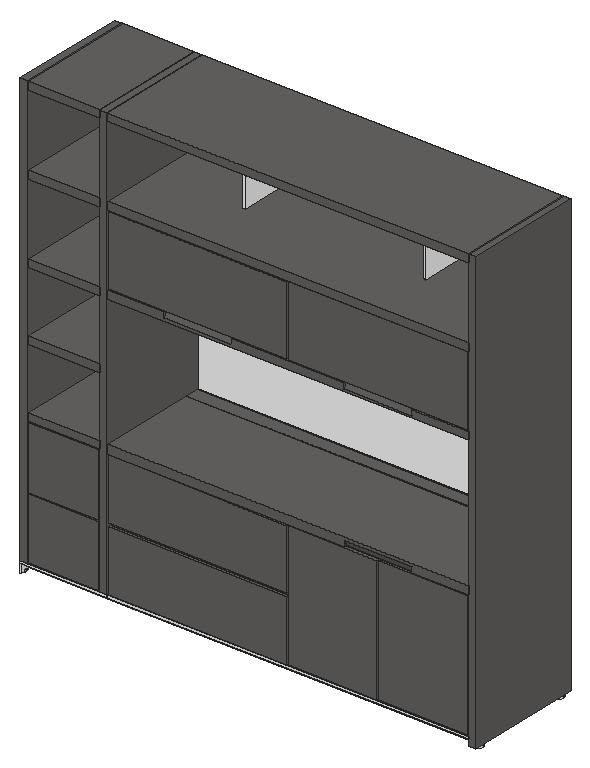
Revit family "Storage-Wall-Teknion-ZXLS_90_High_With_Lights-R2011", category Furniture Systems, Revit 2013
Parameters (values of type "(See Type Catalog)")
  Working Wall Finish [instance] = Glass - Teknion - K6 - White Backpainted
  Width = 92.642"
  Warranty = "http://www.teknionstudio.com/pdfs/Teknion%20Studio%20Warranty.pdf"
  Wall Unit Finish [instance] = Veneer - Teknion - P7 - Grey Oak
  Voltage = 120 V
  Unit Weight = 685.00 lbf
  URL = "www.teknionstudio.com"
  Right Tabletop Cutout Offset = if(Has Right Double Doors, 0", 4")  # 0"
  Power Factor = 1
  Number of Poles = 1
  Left Tabletop Cutout Offset = if(Has Left Double Doors, 0", 4")  # 4"
  Storage Tower = Storage-Unit-Teknion-Tower : Upper Shelves & File/File Pedestal
  Series = "B&B Italia"
  Product Page URL = "http://www.teknionstudio.com/acexecutive/"
  Product Line = "AC Executive"
  Product Documentation Link = "http://www.teknionstudio.com/pricing/ac_executive_storage_walls_ppg.pdf"
  Part Number = "ZXLS"
  Model = ""
  Manufacturer Phone = "919-464-2920"
  Manufacturer Fax = "919-464-2927"
  Manufacturer Email = "customersupport@teknionstudio.com"
  Manufacturer Address = "3940 US 70 Business HWY West, Clayton, NC 27520"
  Manufacturer = "Teknion Studio"  # constant formula
  Low Emitting Material = yes
  Low Emitting Finish = yes
  Height = 89 123/128"
  Has Right File File Drawers = not(Has Right Double Doors)  # no
  Has Right Double Doors = yes
  Has Left File File Drawers = not(Has Left Double Doors)  # yes
  Has Left Double Doors = no
  Description = ""
  Depth = 24"
  Assembly Code = "E2020200"
  Apparent Load = 22.8 VA
Reference planes (in)
  plane 1 "Center F/B": y = 0
  plane 2: z = 0
  plane 3 "Center L/R": x = -16.17703
  plane 4 "Back": y = 12
  plane 5 "Front": y = -12
  plane 6 "Doors Top": z = 73.81394
  plane 7: x = 28.60446
  plane 8: z = 29.68402
  plane 9: z = 56.1289
  plane 10: x = -44.7815
  plane 11: z = 2.1289
  plane 12: x = -8.08852
  plane 13 "Foot Centerline": y = -11.2126
  plane 14 "Tabletop Cutout Left": y = -16
  plane 15 "Foot Centerline Front": y = -10.22835
  plane 16 "Foot Centerline Back": y = 10.22835
  plane 17: y = -8.484
  plane 18 "Tabletop Cutout Right": y = -12
  plane 19 "Right": x = 30.14397
  plane 20 "Left": x = -62.49803
  plane 21 "Top": z = 89.96094
Forms (in)
  Sweep 1, solid, material "Veneer - Teknion - P7 - Grey Oak" <- "Wall Unit Finish"
    path origin (0, 0, 15.40683) x (-1, 0, 0) y (0, -1, 0)
      loop
        line (16.17703, -12) -> (16.17703, 12)
    profile origin (-16.17703, 0, 15.40683) x (1, 0, 0) y (0, 0, 1)
      loop
        line (44.7815, -14.81732) -> (46.321, -14.81732) -> (46.321, 74.55411) -> (44.7815, 74.55411) -> (44.7815, -14.81732)
  Sweep 2, solid, material "Metal - Teknion - C6 - Chrome"
    path origin (0, 0, 0) x (1, 0, 0) y (0, 0, 1)
      loop
        line (28.60446, 2.1289) -> (-44.7815, 2.1289)
    profile origin (-8.08852, 0, 2.1289) x (0, 0, -1) y (0, -1, 0)
      loop
        line (0, 12) -> (0, 10.4252) -> (0.394, 10.4252) -> (0.394, 12) -> (0, 12)
  Sweep 3, solid, material "Metal - Teknion - C6 - Chrome"
    path origin (0, 0, 0) x (1, 0, 0) y (0, 0, 1)
      loop
        line (-44.7815, 2.1289) -> (28.60446, 2.1289)
    profile origin (-8.08852, 0, 2.1289) x (0, 0, 1) y (0, -1, 0)
      loop
        line (-0.394, 10.6222) -> (-1.575, 10.6222) -> (-1.575, 10.4252) -> (-0.394, 10.4252) -> (-0.394, 10.6222)
  Sweep 4, solid, material "Veneer - Teknion - P7 - Grey Oak" <- "Wall Unit Finish"
    path origin (0, 0, 0) x (1, 0, 0) y (0, 0, 1)
      loop
        line (-44.7815, 29.68402) -> (28.60446, 29.68402)
    profile origin (-8.08852, 0, 29.68402) x (0, 0, 1) y (0, -1, 0)
      loop
        line (0, 12) -> (-1.7638, 12) -> (-1.7638, 11.276) -> (-27.55512, 11.276) -> (-27.55512, -12) -> (44.12992, -12) -> (44.12992, 12) -> (42.59022, 12) -> (42.59022, 11.2126) -> (27.98392, 11.2126) -> (27.98392, 12) -> (26.44488, 12) -> (26.44488, -10.94094) -> (0, -10.94094) -> (0, -10.90969) -> (-0.72441, -10.90969) -> (-0.72441, -10.56693) -> (0, -10.56693) -> (0, -8.05709) -> (-0.72441, -8.05709) -> (-0.72441, -7.80709) -> (0, -7.80709) -> (0, 12)
      loop
        line (60.27692, -12) -> (60.27692, 12) -> (58.73722, 12) -> (58.73722, -12) -> (60.27692, -12)
  Sweep 5, solid, material "Veneer - Teknion - P7 - Grey Oak" <- "Wall Unit Finish"
    path origin (0, 0, 15.40683) x (-1, 0, 0) y (0, -1, 0)
      loop
        line (16.17703, 12) -> (16.17703, 11.276)
    profile origin (-16.17703, -11.638, 15.40683) x (-1, 0, 0) y (0, 0, 1)
      loop
        line (-44.5315, 42.5111) -> (-8.21358, 42.5111) -> (-8.21358, 56.6174) -> (-44.5315, 56.6174) -> (-44.5315, 42.5111)
      loop
        line (-7.96358, 56.6174) -> (-7.96358, 42.5111) -> (28.35446, 42.5111) -> (28.35446, 56.6174) -> (-7.96358, 56.6174)
  Sweep 6, solid, material "Veneer - Teknion - P7 - Grey Oak" <- "Wall Unit Finish", visible <- "Has Right Double Doors"
    path origin (0, 0, 15.40683) x (-1, 0, 0) y (0, -1, 0)
      loop
        line (16.17703, 12) -> (16.17703, 11.276)
    profile origin (-16.17703, -11.638, 15.40683) x (-1, 0, 0) y (0, 0, 1)
      loop
        line (-8.21345, 12.26339) -> (-26.25025, 12.26339) -> (-26.25025, -13.03482) -> (-8.21345, -13.03482) -> (-8.21345, 12.26339)
      loop
        line (-26.50025, 12.26339) -> (-44.5315, 12.26339) -> (-44.5315, -13.03482) -> (-26.50025, -13.03482) -> (-26.50025, 12.26339)
  Sweep 7, solid, material "Veneer - Teknion - P7 - Grey Oak" <- "Wall Unit Finish", visible <- "Has Right File File Drawers"
    path origin (0, 0, 15.40683) x (-1, 0, 0) y (0, -1, 0)
      loop
        line (16.17703, 12) -> (16.17703, 11.276)
    profile origin (-16.17703, -11.638, 15.40683) x (-1, 0, 0) y (0, 0, 1)
      loop
        line (-8.21352, 12.26339) -> (-44.53156, 12.26339) -> (-44.53156, 0.01144) -> (-8.21352, 0.01144) -> (-8.21352, 12.26339)
      loop
        line (-44.53156, -0.77597) -> (-44.53156, -13.03482) -> (-8.21352, -13.03482) -> (-8.21352, -0.77597) -> (-44.53156, -0.77597)
  Sweep 8, void
    path origin (0, 0, 0) x (1, 0, 0) y (0, 0, 1)
      loop
        line (3.388, 29.68402) -> (17.16752, 29.68402)
    profile origin (10.27776, 0, 29.68402) x (0, 0, 1) y (0, -1, 0)
      loop
        line (-1.7638, 12) -> (-1.7638, 11.52756) -> (-0.66143, 12) -> (-1.7638, 12)
  Sweep 9, void
    path origin (0, 0, 0) x (1, 0, 0) y (0, 0, 1)
      loop
        line (-33.3248, 56.1289) -> (-19.54528, 56.1289)
    profile origin (-26.43504, 0, 56.1289) x (0, 0, 1) y (0, -1, 0)
      loop
        line (1.53937, 12) -> (0.43699, 12) -> (1.53937, 11.52755) -> (1.53937, 12)
  Sweep 10, void
    path origin (0, 0, 0) x (1, 0, 0) y (0, 0, 1)
      loop
        line (3.36831, 56.1289) -> (17.14764, 56.1289)
    profile origin (10.25797, 0, 56.1289) x (0, 0, 1) y (0, -1, 0)
      loop
        line (1.53937, 11.52755) -> (1.53937, 12) -> (0.43699, 12) -> (1.53937, 11.52755)
  Revolve 11, solid, material "Metal - Teknion - C6 - Chrome"
    sketch origin (0, -10.22835, 0) x (0, 0, 1) y (1, 0, 0)
      loop
        line (0, 29.37415) -> (0.58951, 29.37415) -> (0.58951, 29.65649) -> (0.23622, 29.65649) -> (0.23622, 30.11214) -> (0, 30.11214) -> (0, 29.37415)
      axis (0, 29.37415) -> (0.58951, 29.37415)
    angle from 0 to 360
  Revolve 12, solid, material "Metal - Teknion - C6 - Chrome"
    sketch origin (0, 10.22835, 0) x (0, 0, 1) y (1, 0, 0)
      loop
        line (0, 29.37415) -> (0.58951, 29.37415) -> (0.58951, 29.65649) -> (0.23622, 29.65649) -> (0.23622, 30.11214) -> (0, 30.11214) -> (0, 29.37415)
      axis (0, 29.37415) -> (0.58951, 29.37415)
    angle from 0 to 360
  Sweep 13, void
    path origin (0, 0, 0) x (1, 0, 0) y (0, 0, 1)
      loop
        line (-19.56503, 29.68402) -> (-33.34456, 29.68402)
    profile origin (-26.45479, 0, 29.68402) x (0, 0, -1) y (0, -1, 0)
      loop
        line (1.7638, 15.52756) -> (1.7638, 16) -> (0.66143, 16) -> (1.7638, 15.52756)
  Sweep 14, solid, material "Veneer - Teknion - P7 - Grey Oak" <- "Wall Unit Finish", visible <- "Has Left Double Doors"
    path origin (-16.17703, 0, 0) x (0, 1, 0) y (0, 0, 1)
      loop
        line (-12, 2.1289) -> (-11.276, 2.1289)
    profile origin (-16.17703, -11.638, 2.1289) x (0, 0, 1) y (1, 0, 0)
      loop
        line (25.54132, 7.96352) -> (0.24311, 7.96352) -> (0.24311, -10.07328) -> (25.54132, -10.07328) -> (25.54132, 7.96352)
      loop
        line (0.24311, -10.32328) -> (0.24311, -28.35453) -> (25.54132, -28.35453) -> (25.54132, -10.32328) -> (0.24311, -10.32328)
  Sweep 15, solid, material "Veneer - Teknion - P7 - Grey Oak" <- "Wall Unit Finish", visible <- "Has Left File File Drawers"
    path origin (-16.17703, 0, 0) x (0, 1, 0) y (0, 0, 1)
      loop
        line (-12, 2.1289) -> (-11.276, 2.1289)
    profile origin (-16.17703, -11.638, 2.1289) x (0, 0, 1) y (1, 0, 0)
      loop
        line (25.54132, 7.96352) -> (13.28937, 7.96352) -> (13.28937, -28.35453) -> (25.54132, -28.35453) -> (25.54132, 7.96352)
      loop
        line (12.50197, -28.35453) -> (12.50197, 7.96352) -> (0.24311, 7.96352) -> (0.24311, -28.35453) -> (12.50197, -28.35453)
  Sweep 16, solid, material "Acrylic - Teknion - Clear"
    path origin (0, 0, 15.40683) x (-1, 0, 0) y (0, -1, 0)
      loop
        line (16.17703, -11.252) -> (16.17703, 0.165)
    profile origin (-16.17703, 5.5435, 15.40683) x (1, 0, 0) y (0, 0, 1)
      loop
        line (-10.55519, 73.0138) -> (-10.55519, 58.4071) -> (-9.9607, 58.4071) -> (-9.9607, 73.0138) -> (-10.55519, 73.0138)
      loop
        line (26.13773, 73.0138) -> (26.13773, 58.4071) -> (26.73222, 58.4071) -> (26.73222, 73.0138) -> (26.13773, 73.0138)
Cuts and joins
  joined: Sweep 2, Sweep 3
  Sweep 8, Sweep 9, Sweep 10, Sweep 13 cuts Sweep 4
Lines and regions (in)
  Masking region 1
    outline origin (0, 0, 15.40683) x (-1, 0, 0) y (0, -1, 0)
      loop
        line (44.7815, -12) -> (44.7815, 12) -> (-30.14397, 12) -> (-30.14397, -12) -> (44.7815, -12)
  symbolic lines, style "Elevation Swing"
    curve 1: line (-44.7815, -12, 57.66827) -> (-26.43501, -12, 72.02424)
    curve 2: line (-8.08852, -12, 57.66832) -> (-26.43501, -12, 72.02424)
    curve 3: line (-8.08852, 0, 57.66832) -> (10.25797, 0, 72.19583)
    curve 4: line (10.25797, 0, 72.19583) -> (28.60446, 0, 57.66827)
  symbolic lines, detail levels medium+fine
    curve 5: line (-44.7815, 12, 15.40683) -> (-44.7815, -12, 15.40683)
  symbolic lines, style "FurnitureSystemsHiddenLines", detail levels fine
    curve 6: line (28.60446, -11.276, 15.40683) -> (-44.7815, -11.276, 15.40683)
    curve 7: line (-8.08852, 12, 15.40683) -> (-8.08852, -12, 15.40683)
  symbolic lines, style "Elevation Swing", visible <- "Has Right Double Doors"
    curve 8: line (10.07321, 0, 27.67022) -> (-7.96358, 0, 15.02111)
    curve 9: line (-7.96358, 0, 15.02111) -> (10.07321, 0, 2.37201)
    curve 10: line (10.32321, 0, 2.37201) -> (28.35446, 0, 15.02111)
    curve 11: line (28.35446, 0, 15.02111) -> (10.32321, 0, 27.67022)
  symbolic lines, style "Elevation Swing", visible <- "Has Left Double Doors"
    curve 12: line (-8.21352, 0, 15.02111) -> (-26.25031, 0, 27.67022)
    curve 13: line (-8.21352, 0, 15.02111) -> (-26.25031, 0, 2.37201)
    curve 14: line (-26.50031, 0, 2.37201) -> (-44.53156, 0, 15.02111)
    curve 15: line (-44.53156, 0, 15.02111) -> (-26.50031, 0, 27.67022)
  symbolic lines, visible <- "Has Left Double Doors"
    curve 16: arc (-44.7815, -30.34649, 15.40683) -> (-31.80857, -24.97293, 15.40683) -> (-26.43501, -12, 15.40683) r 18.34649
    curve 17: arc (-26.43501, -12, 15.40683) -> (-21.06144, -24.97293, 15.40683) -> (-8.08852, -30.34649, 15.40683) r 18.34649
    curve 18: line (-44.7815, -12, 15.40683) -> (-44.7815, -30.34649, 15.40683)
    curve 19: line (-8.08852, -12, 15.40683) -> (-8.08852, -30.34649, 15.40683)
  symbolic lines, visible <- "Has Right Double Doors"
    curve 20: arc (-8.08852, -30.34649, 15.40683) -> (4.88441, -24.97293, 15.40683) -> (10.25797, -12, 15.40683) r 18.34649
    curve 21: arc (10.25797, -12, 15.40683) -> (15.63154, -24.97293, 15.40683) -> (28.60446, -30.34649, 15.40683) r 18.34649
    curve 22: line (-8.08852, -12, 15.40683) -> (-8.08852, -30.34649, 15.40683)
    curve 23: line (28.60446, -12, 15.40683) -> (28.60446, -30.34649, 15.40683)
Dimensions and locks (in)
  equal spacing: plane 4 "Back", plane 1 "Center F/B", plane 5 "Front"
  "Depth": plane 4 "Back" to plane 5 "Front"
  "Height": plane 21 "Top" to plane 2
  locked: plane 8 to plane 2 at 29.68402
  locked: plane 9 to plane 8 at 26.44488
  locked: plane 11 to plane 2 at 2.1289
  locked: plane 11 to Sweep 3 sketch curve at 0.394
  locked: Sweep 3 sketch curve to Sweep 3 sketch curve at 1.181
  plane 5 "Front" to Sweep 3 sketch curve to Sweep 3 sketch curve = 1.3778" locked, 0.197" locked
  locked: plane 5 "Front" to plane 13 "Foot Centerline" at 0.7874
  plane 11 to Sweep 4 sketch curve = 0"
  locked: plane 8 to Sweep 4 sketch curve at 1.7638
  locked: Sweep 1 sketch curve to plane 2 at 0.58951
  locked: plane 5 "Front" to Sweep 5 sketch curve at 0.724
  locked: plane 5 "Front" to Sweep 6 sketch curve at 0.724
  locked: plane 8 to Sweep 6 sketch curve at 2.0138  (x2)
  locked: Sweep 6 sketch curve to Sweep 6 sketch curve at 25.29821  (x2)
  Sweep 6 sketch curve to Sweep 6 sketch curve to Sweep 6 sketch curve to Sweep 6 sketch curve to plane 10 = 18 1/32" locked, 1/4" locked, 18.0368" locked, 36.81791"
  locked: plane 5 "Front" to Sweep 7 sketch curve at 0.724
  plane 8 to Sweep 7 sketch curve to Sweep 7 sketch curve to Sweep 7 sketch curve to Sweep 7 sketch curve = 2.0138" locked, 12.25195" locked, 0.7874" locked, 12.25886" locked
  Sweep 7 sketch curve to Sweep 7 sketch curve to plane 12 = 36.31805" locked, 1/8" locked  (x2)
  Sweep 8 sketch curve to Sweep 8 sketch curve to plane 12 = 13.77953" locked, 11.47651" locked
  locked: plane 8 to Sweep 8 sketch curve at 1.7638
  locked: plane 18 "Tabletop Cutout Right" to Sweep 8 sketch curve at 0.47244
  "Left Tabletop Cutout Offset": plane 14 "Tabletop Cutout Left" to plane 5 "Front"
  locked: Sweep 9 sketch curve to Sweep 9 sketch curve at 13.77953
  locked: Sweep 9 sketch curve to plane 9 at 1.53937
  locked: Sweep 9 sketch curve to plane 9 at 0.43699
  locked: plane 5 "Front" to Sweep 9 sketch curve at 0.47245
  Sweep 10 sketch curve to Sweep 10 sketch curve to plane 9 = 1.10238" locked, 0.43699" locked
  locked: plane 5 "Front" to Sweep 10 sketch curve at 0.47245
  equal spacing: plane 12, curve 2, plane 10
  equal spacing: plane 7, curve 4, plane 12
  locked: plane 5 "Front" to curve 6 at 0.724
  locked: plane 4 "Back" to plane 16 "Foot Centerline Back" at 1.77165
  locked: plane 5 "Front" to plane 15 "Foot Centerline Front" at 1.77165
  locked: plane 5 "Front" to plane 17 at 3.516
  locked: plane 11 to Sweep 2 sketch curve at 0.394
  locked: plane 5 "Front" to Sweep 2 sketch curve at 1.5748
  plane 12 to Sweep 13 sketch curve to Sweep 13 sketch curve = 11.47651" locked, 13.77953" locked
  plane 8 to Sweep 13 sketch curve to Sweep 13 sketch curve = 0.66143" locked, 1.10236" locked
  locked: plane 14 "Tabletop Cutout Left" to Sweep 13 sketch curve at 0.47244
  locked: plane 5 "Front" to Sweep 4 sketch curve at 0.724
  locked: plane 5 "Front" to Sweep 14 sketch curve at 0.724
  plane 12 to Sweep 14 sketch curve to Sweep 14 sketch curve to Sweep 14 sketch curve to Sweep 14 sketch curve = 1/8" locked, 18.0368" locked, 1/4" locked, 18 1/32" locked
  plane 8 to Sweep 14 sketch curve to Sweep 14 sketch curve = 2.0138" locked, 25.29821" locked  (x2)
  locked: plane 5 "Front" to Sweep 15 sketch curve at 0.724
  plane 8 to Sweep 15 sketch curve to Sweep 15 sketch curve to Sweep 15 sketch curve to Sweep 15 sketch curve = 2.0138" locked, 12.25195" locked, 0.7874" locked, 12.25886" locked
  plane 12 to Sweep 15 sketch curve to Sweep 15 sketch curve = 1/8" locked, 36.31805" locked  (x2)
  "Right Tabletop Cutout Offset": plane 18 "Tabletop Cutout Right" to plane 5 "Front"
  "Width": plane 20 "Left" to plane 19 "Right"
  equal spacing: plane 20 "Left", plane 3 "Center L/R", plane 19 "Right"
  locked: plane 7 to plane 19 "Right" at 1.5395
  locked: plane 20 "Left" to plane 10 at 17.71654
  equal spacing: plane 10, plane 12, plane 7
  Revolve 11 sketch curve to Revolve 11 sketch curve to plane 2 = 0.35329" locked, 0.23622" locked
  locked: plane 19 "Right" to Revolve 11 sketch curve at 0.76982
  plane 19 "Right" to Revolve 11 sketch curve to Revolve 11 sketch curve = 0.03183" locked, 0.45565" locked
  Revolve 12 sketch curve to Revolve 12 sketch curve to plane 2 = 0.35329" locked, 0.23622" locked
  locked: plane 19 "Right" to Revolve 12 sketch curve at 0.76982
  Revolve 12 sketch curve to Revolve 12 sketch curve to plane 19 "Right" = 0.45565" locked, 0.03183" locked
  Sweep 5 sketch curve to plane 3 "Center L/R" to Sweep 5 sketch curve to Sweep 5 sketch curve to Sweep 5 sketch curve = 28.35446" locked, 7.96358" locked, 1/4" locked, 36.31791" locked
  plane 6 "Doors Top" to Sweep 5 sketch curve to Sweep 5 sketch curve = 1.7897" locked, 14.1063" locked  (x2)
  plane 7 to Sweep 10 sketch curve to Sweep 10 sketch curve = 11.45683" locked, 13.77933" locked
  locked: plane 21 "Top" to Sweep 4 sketch curve at 1.5397
  locked: Sweep 16 sketch curve to Sweep 16 sketch curve at 0.59449  (x2)
  locked: Sweep 16 sketch curve to Sweep 16 sketch curve at 36.09843
  equal spacing: Sweep 16 sketch curve, plane 12, Sweep 16 sketch curve
  plane 4 "Back" to Sweep 16 sketch curve to Sweep 16 sketch curve = 0.748" locked, 11.417" locked
  aligned and locked: level to plane 2
  aligned and locked: plane 4 "Back" to Sweep 1 sketch curve
  aligned and locked: plane 5 "Front" to Sweep 1 sketch curve
  aligned and locked: Sweep 1 sketch curve to plane 3 "Center L/R"
  aligned and locked: Sweep 2 sketch curve to plane 11  (x2)
  aligned and locked: Sweep 3 sketch curve to plane 11
  aligned and locked: plane 10 to Sweep 4 sketch curve
  aligned and locked: plane 7 to Sweep 4 sketch curve
  aligned and locked: Sweep 4 sketch curve to plane 8  (x4)
  aligned and locked: Sweep 4 sketch curve to plane 5 "Front"  (x2)
  aligned and locked: plane 4 "Back" to Sweep 4 sketch curve
  aligned and locked: plane 3 "Center L/R" to Sweep 5 sketch curve
  aligned and locked: plane 5 "Front" to Sweep 5 sketch curve
  aligned and locked: Sweep 4 sketch curve to plane 9
  aligned and locked: plane 3 "Center L/R" to Sweep 6 sketch curve
  aligned and locked: plane 5 "Front" to Sweep 6 sketch curve
  aligned and locked: plane 5 "Front" to Sweep 7 sketch curve
  aligned and locked: plane 3 "Center L/R" to Sweep 7 sketch curve
  aligned and locked: Sweep 8 sketch curve to plane 8
  aligned and locked: Sweep 9 sketch curve to plane 9
  aligned and locked: Sweep 10 sketch curve to plane 9
  aligned and locked: Sweep 10 sketch curve to plane 5 "Front"
  aligned and locked: plane 10 to curve 1
  aligned and locked: plane 12 to curve 2
  aligned and locked: plane 7 to curve 4
  aligned and locked: plane 12 to curve 3
  aligned and locked: plane 4 "Back" to curve 5
  aligned and locked: plane 5 "Front" to curve 5
  aligned and locked: plane 7 to curve 6
  aligned and locked: plane 4 "Back" to curve 7
  aligned and locked: plane 5 "Front" to curve 7
  aligned and locked: plane 5 "Front" to Sweep 9 sketch curve
  aligned and locked: Sweep 4 sketch curve to plane 6 "Doors Top"
  aligned and locked: plane 13 "Foot Centerline" to Sweep 4 sketch curve
  aligned and locked: plane 5 "Front" to Sweep 4 sketch curve  (x2)
  aligned and locked: plane 2 to nested 1
  aligned and locked: plane 1 "Center F/B" to nested 1
  aligned and locked: plane 7 to Sweep 2 sketch curve
  aligned and locked: plane 7 to Sweep 3 sketch curve
  aligned and locked: Sweep 2 sketch curve to plane 5 "Front"
  aligned and locked: Masking region 1 sketch curve to plane 4 "Back"
  aligned and locked: Masking region 1 sketch curve to plane 5 "Front"
  aligned and locked: plane 8 to Sweep 13 sketch curve
  aligned and locked: Sweep 13 sketch curve to plane 14 "Tabletop Cutout Left"
  aligned and locked: plane 10 to Sweep 2 sketch curve
  aligned and locked: Sweep 14 sketch curve to plane 11
  aligned and locked: plane 5 "Front" to Sweep 14 sketch curve
  aligned and locked: plane 5 "Front" to Sweep 15 sketch curve
  aligned and locked: Sweep 15 sketch curve to plane 11
  aligned and locked: Sweep 6 to curve 8
  aligned and locked: curve 9 to Sweep 6
  aligned and locked: Sweep 6 to curve 10
  aligned and locked: curve 11 to Sweep 6
  aligned and locked: curve 12 to Sweep 14
  aligned and locked: Sweep 14 to curve 13
  aligned and locked: Sweep 14 to curve 14
  aligned and locked: Sweep 14 to curve 15
  aligned and locked: plane 10 to Sweep 3 sketch curve
  aligned and locked: plane 18 "Tabletop Cutout Right" to Sweep 8 sketch curve
  aligned and locked: plane 7 to Sweep 1 sketch curve
  aligned and locked: Sweep 1 sketch curve to plane 19 "Right"
  aligned and locked: Masking region 1 sketch curve to plane 19 "Right"
  aligned and locked: plane 10 to Masking region 1 sketch curve
  aligned and locked: nested 1 to plane 20 "Left"
  aligned and locked: Revolve 11 sketch curve to plane 2
  aligned and locked: plane 2 to Revolve 12 sketch curve
  aligned and locked: Sweep 4 sketch curve to nested 1
  aligned and locked: Sweep 4 sketch curve to plane 4 "Back"
  aligned and locked: Sweep 1 sketch curve to plane 21 "Top"
  aligned and locked: Sweep 16 sketch curve to plane 3 "Center L/R"
  aligned and locked: curve 18 to nested 1
  aligned and locked: curve 19 to plane 12
  aligned and locked: plane 5 "Front" to Masking region 1
  aligned and locked: plane 5 "Front" to curve 17
  aligned and locked: plane 5 "Front" to curve 16
  aligned and locked: curve 23 to plane 7
  aligned and locked: plane 5 "Front" to Sweep 1
  aligned and locked: plane 5 "Front" to curve 21
  aligned and locked: plane 5 "Front" to curve 20
  aligned and locked: nested 2 to plane 9
  aligned and locked: plane 12 to nested 2
  aligned and locked: plane 9 to nested 2
  aligned and locked: nested 2 to plane 17
Automatic sketch dimensions
  profile plane to Sweep 8 sketch curve = 0.66143"
  plane 9 to curve 2 = 1.53942"
  plane 9 to curve 1 = 1.53937"
  Sweep 2 sketch curve to Sweep 2 sketch curve = 1.5748"
  plane 11 to curve 14 = 0.24311"
  curve 14 to curve 13 = 1/4"
  curve 15 to plane 8 = 2.0138"
  curve 12 to plane 12 = 1/8"
  curve 8 to plane 8 = 2.0138"
  curve 8 to curve 11 = 1/4"
  plane 11 to curve 10 = 0.24311"
  curve 9 to curve 10 = 1/4"
  plane 11 to curve 13 = 0.24311"
  plane 11 to curve 9 = 0.24311"
  plane 11 to curve 11 = 12.89222"
  plane 11 to curve 8 = 12.89222"
  plane 11 to curve 14 = 12.89222"
  curve 12 to curve 8 = 0"
  curve 12 to curve 15 = 0"
  curve 11 to curve 8 = 0"
  plane 9 to curve 4 = 1.53937"
  plane 9 to curve 3 = 1.53942"
  curve 3 to plane 6 "Doors Top" = 1.61811"
  Revolve 11 sketch curve to level = 0"
  Revolve 11 sketch curve to Revolve 11 sketch curve = 0"  (x2)
  Revolve 12 sketch curve to level = 0"
  Revolve 12 sketch curve to Revolve 12 sketch curve = 0"  (x2)
  curve 2 to plane 6 "Doors Top" = 1.7897"
  profile plane to Sweep 4 sketch curve = 0.72441"  (x2)
  Sweep 4 sketch curve to Sweep 4 sketch curve = 1.53904"
  Sweep 4 sketch curve to Sweep 4 sketch curve = 1.5397"
  Sweep 4 sketch curve to plane 1 "Center F/B" = 10.94094"
  Sweep 4 sketch curve to Sweep 4 sketch curve = 1/32"
  Sweep 4 sketch curve to Sweep 4 sketch curve = 0.34277"
  Sweep 4 sketch curve to Sweep 4 sketch curve = 2.50984"
  Sweep 4 sketch curve to Sweep 4 sketch curve = 1/4"
  profile plane to Sweep 16 sketch curve = 58.4071"
  Sweep 16 sketch curve to Sweep 16 sketch curve = 0"
  Sweep 16 sketch curve to Sweep 16 sketch curve = 14.60669"  (x2)
  plane 5 "Front" to curve 23 = 0"
  curve 21 to curve 17 = 18.34649"
  curve 20 to curve 21 = 0"
  curve 16 to curve 17 = 0"
Nested families (in)
  nested 1: "Storage-Unit-Teknion-Tower" at (-53.63976, 0, 0) x (-1, 0, 0) z (0, 0, 1), type <- "Storage Tower", Height <- "Height", type "Upper Shelves & File/File Pedestal"
    with Height 89 123/128", Has Top Shelf yes, Bottom Drawer Height 13.047"
  nested 2: "Lighting-Teknion-Storage_Wall" at (-8.08852, 0.12401, 56.1289), type "Lighting-Teknion-Storage_Wall"
Connectors (in)
  electrical at (-8.08852, 12, 37.97142), driven by "Voltage", driven by "Number of Poles", driven by "Apparent Load", driven by "Power Factor"
    settings: on cut or joined group of Sweep 4, Sweep 8, Sweep 9, Sweep 10, Sweep 13, index 1, voltage 120 V, apparent load 0 VA, apparent load phase1 22.8 VA, apparent load phase2 0 VA, apparent load phase3 0 VA, power factor 1, load classification "Other", number of poles 1, system type 31, power factor state 1, is connector primary yes, connector utility no, sub classification motor no, connector description "Electrical Connector"
Definition of nested family "Storage-Unit-Teknion-Tower"
  Parameters (values of type "Upper Wardrobe & Lower Door")
    Width = 17.71654"
    Warranty = "http://www.teknionstudio.com/pdfs/Teknion%20Studio%20Warranty.pdf"
    Wall Unit Finish = Veneer - Teknion - P8 - Light Brushed Oak
    URL = "www.teknionstudio.com"
    Series = "B&B Italia"
    Product Line = "AC Executive"
    Model = ""
    Middle Drawer Height = if(Has Top Drawer, 6.425", 12.719")  # 12.719"
    Manufacturer Phone = "919-464-2920"
    Manufacturer Fax = "919-464-2927"
    Manufacturer Email = "customersupport@teknionstudio.com"
    Manufacturer Address = "3940 US 70 Business HWY West, Clayton, NC 27520"
    Manufacturer = "Teknion Studio"  # constant formula
    Height [instance] = 73.81394"
    Has Top Shelf [instance] = and(Height > 75", Has Shelves)  # no
    Has Top Drawer = no
    Has Top Door = yes
    Has Shelves = no
    Has Right Leg = yes
    Has Middle Drawer = no
    Has Lower Shelf = yes
    Has Left Leg = no
    Has Full Wardrobe Door = no
    Has Doors = yes
    Door Projection Symbol = yes
    Description = "Tower Storage Unit"
    Depth = 24"
    Bottom Drawer Height [instance] = if(Has Middle Drawer, 13.047", if(Has Top Drawer, 13.047", if(Has Full Wardrobe Door, (Height - 3.668"), 26.016")))  # 26.016"
    Assembly Code = "E2010200"
  Types (7): name | Wall Unit Finish | Series | Product Line | Middle Drawer Height | Has Top Drawer | Has Top Door | Has Shelves | Has Middle Drawer | Has Lower Shelf | Has Full Wardrobe Door | Has Doors | Door Projection Symbol | Bottom Drawer Height
    Upper Shelves & Lower Door | none | "AC Executive" | "" | 12.719" | no | no | yes | no | yes | no | yes | yes | 26.016"
    Upper Shelves & File/File Pedestal | none | "AC Executive" | "" | 12.719" | no | no | yes | yes | yes | no | no | no | 13.047"
    Upper Shelves & Box/Box/File Pedestal | Veneer - Teknion - P8 - Light Brushed Oak | "AC Executive" | "" | 6.425" | yes | no | yes | yes | yes | yes | no | no | 13.047"
    Full Wardrobe | none | "AC Executive" | "" | 12.719" | no | no | no | no | no | yes | yes | yes | 70.14594"
    Upper Wardrobe & Lower Door | Veneer - Teknion - P8 - Light Brushed Oak | "B&B Italia" | "AC Executive" | 12.719" | no | yes | no | no | yes | no | yes | yes | 26.016"
    Upper Wardrobe & File/File Pedestal | none | "AC Executive" | "" | 12.719" | no | yes | no | yes | yes | no | no | yes | 13.047"
    Upper Wardrobe & Box/Box/File Pedestal | none | "AC Executive" | "" | 6.425" | yes | yes | no | yes | yes | no | no | yes | 13.047"
  Reference planes (in)
    plane 1 "Center F/B": y = 0
    plane 2: z = 0
    plane 3 "Center L/R": x = 0
    plane 4 "Left": x = -8.85827
    plane 5 "Right": x = 8.85827
    plane 6 "Back": y = 12
    plane 7 "Front": y = -12
    plane 8 "Top": z = 73.81394
    plane 9: x = -7.3189
    plane 10: x = 7.3189
    plane 11: z = 2.1289
    plane 12 "Foot Centerline": y = -11.2126
    plane 13: z = 29.68402
    plane 14 "Drawer 1 Top": z = 28.1449
    plane 15 "Drawer 2 Top": z = 40.8639
    plane 16 "Drawer 3 Top": z = 27.89502
    plane 17: z = 42.13677
  Forms (in)
    Sweep 1, solid, material "Metal - Teknion - C6 - Chrome", visible <- "Has Left Leg"
      path origin (0, -12, 0) x (1, 0, 0) y (0, 0, 1)
        loop
          line (-8.85827, 1.7349) -> (-8.85827, 0.05803)
      profile origin (-8.85827, -12, 0.89646) x (0, -1, 0) y (1, 0, 0)
        loop
          line (-1.5748, 0) -> (0, 0) -> (0, 0.394) -> (-1.5748, 0.394) -> (-1.5748, 0)
    Sweep 2, solid, material "Metal - Teknion - C6 - Chrome"
      path origin (0, -12, 0) x (1, 0, 0) y (0, 0, 1)
        loop
          line (-8.85827, 2.1289) -> (8.46427, 2.1289)
      profile origin (-0.197, -12, 2.1289) x (0, 0, 1) y (0, -1, 0)
        loop
          line (-0.394, -1.5748) -> (-0.394, -1.3778) -> (-1.575, -1.3778) -> (-1.575, -1.5748) -> (-0.394, -1.5748)
    Revolve 3, solid, material "Metal - Teknion - C6 - Chrome"
      sketch origin (0, -11.2126, 0) x (0, 0, -1) y (1, 0, 0)
        loop
          line (-0.4911, 8.32677) -> (-0.45173, 8.2874) -> (-0.28492, 8.2874) -> (-0.24555, 8.32677) -> (-0.20618, 8.2874) -> (-0.03937, 8.2874) -> (0, 8.32677) -> (0, 8.66142) -> (-0.4911, 8.66142) -> (-0.4911, 8.32677)
        axis (0, 8.66142) -> (-0.4911, 8.66142)
      angle from 0 to 360
    Revolve 4, solid, material "Metal - Teknion - C6 - Chrome", visible <- "Has Left Leg"
      sketch origin (0, -11.2126, 0) x (0, 0, -1) y (1, 0, 0)
        loop
          line (0, -8.99606) -> (0, -8.66142) -> (-0.4911, -8.66142) -> (-0.4911, -8.99606) -> (-0.45173, -9.03543) -> (-0.28492, -9.03543) -> (-0.24555, -8.99606) -> (-0.20618, -9.03543) -> (-0.03937, -9.03543) -> (0, -8.99606)
        axis (0, -8.66142) -> (-0.4911, -8.66142)
      angle from 0 to 360
    Sweep 5, solid, material "Veneer - Teknion - P8 - Light Brushed Oak" <- "Wall Unit Finish"
      path origin (0, 0, 0) x (1, 0, 0) y (0, 0, 1)
        loop
          line (0, 2.1289) -> (0, 73.81394)
      profile origin (0, 0, 37.97142) x (-1, 0, 0) y (0, -1, 0)
        loop
          line (8.85827, -12) -> (8.85827, 12) -> (7.3189, 12) -> (7.3189, -12) -> (8.85827, -12)
        loop
          line (-7.3189, 12) -> (-8.85827, 12) -> (-8.85827, -12) -> (-7.3189, -12) -> (-7.3189, 12)
    Sweep 6, solid, material "Veneer - Teknion - P8 - Light Brushed Oak" <- "Wall Unit Finish"
      path origin (0, 0, 15.40683) x (-1, 0, 0) y (0, -1, 0)
        loop
          line (0, -12) -> (0, 12)
      profile origin (0, 0, 15.40683) x (1, 0, 0) y (0, 0, 1)
        loop
          line (-7.3189, 58.4071) -> (-7.3189, 56.86773) -> (7.3189, 56.86773) -> (7.3189, 58.4071) -> (-7.3189, 58.4071)
    Sweep 7, solid, material "Veneer - Teknion - P8 - Light Brushed Oak" <- "Wall Unit Finish"
      path origin (0, -12, 0) x (1, 0, 0) y (0, 0, 1)
        loop
          line (0, 2.1289) -> (0, 72.27457)
      profile origin (0, -12, 37.20173) x (-1, 0, 0) y (0, -1, 0)
        loop
          line (7.3189, -24) -> (7.3189, -23.25) -> (-7.3189, -23.25) -> (-7.3189, -24) -> (7.3189, -24)
    Sweep 8, solid, material "Veneer - Teknion - P8 - Light Brushed Oak" <- "Wall Unit Finish", visible <- "Has Lower Shelf"
      path origin (0, -12, 0) x (1, 0, 0) y (0, 0, 1)
        loop
          line (-7.3189, 29.68402) -> (7.3189, 29.68402)
      profile origin (0, -12, 29.68402) x (0, 0, 1) y (0, -1, 0)
        loop
          line (0, 0) -> (-1.539, 0) -> (-1.539, -0.724) -> (-27.55512, -0.724) -> (-27.55512, -23.25) -> (0, -23.25) -> (0, 0)
    Sweep 9, solid, material "Veneer - Teknion - P8 - Light Brushed Oak" <- "Wall Unit Finish"
      path origin (0, -12, 0) x (1, 0, 0) y (0, 0, 1)
        loop
          line (0, 2.3789) -> (0, 27.8949)
      profile origin (0, -12, 15.1369) x (-1, 0, 0) y (0, -1, 0)
        loop
          line (7.0689, -0.724) -> (7.0689, 0) -> (-7.0689, 0) -> (-7.0689, -0.724) -> (7.0689, -0.724)
    Sweep 10, solid, material "Veneer - Teknion - P8 - Light Brushed Oak" <- "Wall Unit Finish", visible <- "Has Middle Drawer"
      path origin (0, -12, 0) x (1, 0, 0) y (0, 0, 1)
        loop
          line (0, 28.1449) -> (0, 40.8639)
      profile origin (0, -12, 34.5044) x (-1, 0, 0) y (0, -1, 0)
        loop
          line (7.0689, -0.724) -> (7.0689, 0) -> (-7.0689, 0) -> (-7.0689, -0.724) -> (7.0689, -0.724)
    Sweep 11, solid, material "Veneer - Teknion - P8 - Light Brushed Oak" <- "Wall Unit Finish", visible <- "Has Top Drawer"
      path origin (0, -12, 0) x (1, 0, 0) y (0, 0, 1)
        loop
          line (0, 47.15802) -> (0, 41.1139)
      profile origin (0, -12, 44.13596) x (0, -1, 0) y (1, 0, 0)
        loop
          line (0, 7.0689) -> (-0.724, 7.0689) -> (-0.724, -7.0689) -> (0, -7.0689) -> (0, 7.0689)
    Sweep 12, solid, material "Veneer - Teknion - P8 - Light Brushed Oak" <- "Wall Unit Finish", visible <- "Has Shelves"
      path origin (0, -12, 0) x (1, 0, 0) y (0, 0, 1)
        loop
          line (0, 42.13677) -> (0, 43.67614)
      profile origin (0, -12, 42.90646) x (-1, 0, 0) y (0, -1, 0)
        loop
          line (7.3189, -23.25) -> (7.3189, 0) -> (-7.3189, 0) -> (-7.3189, -23.25) -> (7.3189, -23.25)
    Sweep 13, solid, material "Veneer - Teknion - P8 - Light Brushed Oak" <- "Wall Unit Finish", visible <- "Has Shelves"
      path origin (0, -12, 13.9918) x (1, 0, 0) y (0, 0, 1)
        loop
          line (0, 42.13677) -> (0, 43.67614)
      profile origin (0, -12, 56.89825) x (-1, 0, 0) y (0, -1, 0)
        loop
          line (7.3189, -23.25) -> (7.3189, 0) -> (-7.3189, 0) -> (-7.3189, -23.25) -> (7.3189, -23.25)
    Sweep 14, solid, material "Veneer - Teknion - P8 - Light Brushed Oak" <- "Wall Unit Finish", visible <- "Has Top Door"
      path origin (0, -12, 0) x (1, 0, 0) y (0, 0, 1)
        loop
          line (0, 29.93402) -> (0, 72.02457)
      profile origin (0, -12, 50.97929) x (-1, 0, 0) y (0, -1, 0)
        loop
          line (7.0689, -0.724) -> (7.0689, 0) -> (-7.0689, 0) -> (-7.0689, -0.724) -> (7.0689, -0.724)
    Sweep 15, solid, material "Veneer - Teknion - P8 - Light Brushed Oak" <- "Wall Unit Finish"
      path origin (0, -12, 0) x (1, 0, 0) y (0, 0, 1)
        loop
          line (-8.85827, 2.1289) -> (8.85827, 2.1289)
      profile origin (0, -12, 2.1289) x (0, 0, 1) y (0, -1, 0)
        loop
          line (0, -1.5748) -> (-1.53937, -1.5748) -> (-1.53937, -24) -> (0, -24) -> (0, -1.5748)
    Sweep 16, solid, material "Veneer - Teknion - P8 - Light Brushed Oak" <- "Wall Unit Finish", visible <- "Has Top Shelf"
      path origin (0, 0, 0) x (1, 0, 0) y (0, 0, 1)
        loop
          line (0, 73.81394) -> (0, 72.27457)
      profile origin (0, 0, 73.04425) x (0, -1, 0) y (1, 0, 0)
        loop
          line (-11.25, -7.3189) -> (12, -7.3189) -> (12, 7.3189) -> (-11.25, 7.3189) -> (-11.25, -7.3189)
    Sweep 17, solid, material "Metal - Teknion - C6 - Chrome"
      path origin (0, 0, 0) x (1, 0, 0) y (0, 0, 1)
        loop
          line (-8.85827, 2.1289) -> (8.85827, 2.1289)
      profile origin (0, 0, 2.1289) x (0, 0, 1) y (0, -1, 0)
        loop
          line (0, 10.4252) -> (0, 12) -> (-0.394, 12) -> (-0.394, 10.4252) -> (0, 10.4252)
    Sweep 18, solid, material "Metal - Teknion - C6 - Chrome"
      path origin (0, 0, 0) x (1, 0, 0) y (0, 0, 1)
        loop
          line (8.85827, 1.7349) -> (8.85827, 0.05803)
      profile origin (8.85827, 0, 0.89646) x (0, -1, 0) y (1, 0, 0)
        loop
          line (10.4252, -0.394) -> (12, -0.394) -> (12, 0) -> (10.4252, 0) -> (10.4252, -0.394)
  Lines and regions (in)
    Masking region 1
      outline origin (0, 0, 15.40683) x (-1, 0, 0) y (0, -1, 0)
        loop
          line (8.85827, -12) -> (8.85827, 12) -> (-8.85827, 12) -> (-8.85827, -12) -> (8.85827, -12)
    symbolic lines, style "FurnitureSystems", detail levels medium+fine
      curve 1: line (-7.3189, 12, 15.40683) -> (-7.3189, -12, 15.40683)
      curve 2: line (7.3189, 12, 15.40683) -> (7.3189, -12, 15.40683)
    symbolic lines, style "FurnitureSystemsHiddenLines", detail levels fine
      curve 3: line (-7.3189, -11.276, 15.40683) -> (7.3189, -11.276, 15.40683)
    symbolic lines, style "Elevation Swing", visible <- "Has Doors"
      curve 4: line (-7.3189, -12, 2.1289) -> (7.3189, -12, 15.1369)
      curve 5: line (7.3189, -12, 15.1369) -> (-7.3189, -12, 28.1449)
    symbolic lines, style "Elevation Swing", visible <- "Has Top Door"
      curve 6: line (-7.3189, -12, 29.68402) -> (7.3189, -12, 50.97929)
      curve 7: line (7.3189, -12, 50.97929) -> (-7.3189, -12, 72.27457)
    symbolic lines, style "FurnitureSystems", visible <- "Door Projection Symbol"
      curve 8: arc (-7.3189, -12, 0) -> (-3.03159, -22.35048, 0) -> (7.3189, -26.6378, 0) r 14.6378
    symbolic lines, visible <- "Door Projection Symbol"
      curve 9: line (7.3189, -12, 15.40683) -> (7.3189, -26.6378, 15.40683)
  Dimensions and locks (in)
    equal spacing: plane 4 "Left", plane 3 "Center L/R", plane 5 "Right"
    "Width": plane 4 "Left" to plane 5 "Right"
    equal spacing: plane 6 "Back", plane 1 "Center F/B", plane 7 "Front"
    "Depth": plane 6 "Back" to plane 7 "Front"
    locked: plane 4 "Left" to plane 9 at 1.53937
    locked: plane 10 to plane 5 "Right" at 1.53937
    "Height": plane 8 "Top" to level
    locked: Sweep 1 sketch curve to level at 0.05803
    locked: plane 11 to plane 2 at 2.1289
    plane 11 to Sweep 2 sketch curve to Sweep 2 sketch curve = 0.394" locked, 1.181" locked
    plane 7 "Front" to Sweep 2 sketch curve to Sweep 2 sketch curve = 1.3778" locked, 0.197" locked
    locked: Revolve 3 sketch curve to plane 2 at 0.4911  (x2)
    locked: plane 5 "Right" to Revolve 3 sketch curve at 0.57087
    locked: plane 7 "Front" to plane 12 "Foot Centerline" at 0.7874
    Revolve 3 sketch curve to Revolve 3 sketch curve to Revolve 3 sketch curve to Revolve 3 sketch curve to plane 2 = 0.16681" locked, 0.07874" locked, 0.16681" locked, 0.03937" locked
    locked: Revolve 4 sketch curve to plane 2 at 0.4911  (x2)
    locked: Revolve 4 sketch curve to Revolve 4 sketch curve at 0.37402
    Revolve 4 sketch curve to Revolve 4 sketch curve to Revolve 4 sketch curve to Revolve 4 sketch curve to plane 2 = 0.16681" locked, 0.07874" locked, 0.16681" locked, 0.03937" locked
    locked: Revolve 4 sketch curve to plane 4 "Left" at 0.19685
    locked: plane 8 "Top" to Sweep 6 sketch curve at 1.53937
    locked: plane 8 "Top" to Sweep 7 sketch curve at 1.53937
    locked: plane 6 "Back" to Sweep 7 sketch curve at 0.75
    locked: plane 13 to plane 2 at 29.68402
    locked: plane 7 "Front" to Sweep 8 sketch curve at 0.724
    locked: plane 13 to Sweep 8 sketch curve at 1.539
    locked: plane 13 to plane 16 "Drawer 3 Top" at 1.789
    "Bottom Drawer Height": plane 14 "Drawer 1 Top" to plane 11
    "Middle Drawer Height": plane 15 "Drawer 2 Top" to plane 14 "Drawer 1 Top"
    locked: plane 14 "Drawer 1 Top" to Sweep 9 sketch curve at 0.25
    locked: plane 7 "Front" to Sweep 9 sketch curve at 0.724
    locked: Sweep 10 sketch curve to plane 12 "Foot Centerline" at 0.0634
    locked: plane 7 "Front" to Sweep 11 sketch curve at 0.724
    locked: plane 17 to plane 13 at 12.45276
    group 1 to group 2 = 0"  (x2)
    group 1 to group 2 = 13.9918"
    locked: Sweep 13 to plane 17 at 13.9918
    locked: plane 8 "Top" to Sweep 14 sketch curve at 1.78937
    locked: Sweep 14 sketch curve to plane 13 at 0.25
    locked: plane 7 "Front" to Sweep 14 sketch curve at 0.724
    locked: plane 11 to Sweep 15 sketch curve at 1.53937
    locked: plane 7 "Front" to Sweep 15 sketch curve at 1.5748
    equal spacing: Sweep 6, curve 7, plane 13
    equal spacing: plane 14 "Drawer 1 Top", curve 5, plane 11
    locked: plane 6 "Back" to Sweep 16 sketch curve at 0.75
    Sweep 16 sketch curve to Sweep 16 sketch curve to plane 2 = 1.53937" locked, 72.27457" locked
    locked: Sweep 9 sketch curve to plane 11 at 0.25
    locked: plane 9 to Sweep 9 sketch curve at 0.25
    locked: Sweep 9 sketch curve to plane 10 at 0.25
    locked: Sweep 11 sketch curve to plane 15 "Drawer 2 Top" at 0.25
    locked: plane 9 to Sweep 11 sketch curve at 0.25
    locked: Sweep 11 sketch curve to plane 10 at 0.25
    locked: Sweep 10 sketch curve to plane 10 at 0.25
    locked: plane 9 to Sweep 10 sketch curve at 0.25
    locked: Sweep 11 sketch curve to Sweep 11 sketch curve at 6.04412
    locked: Sweep 14 sketch curve to plane 10 at 0.25
    locked: plane 9 to Sweep 14 sketch curve at 0.25
    locked: plane 4 "Left" to Sweep 1 sketch curve at 0.394
    locked: plane 7 "Front" to Sweep 1 sketch curve at 1.5748
    locked: plane 11 to Sweep 1 sketch curve at 0.394
    locked: Sweep 17 sketch curve to plane 7 "Front" at 1.5748
    locked: plane 11 to Sweep 17 sketch curve at 0.394
    locked: Sweep 18 sketch curve to plane 2 at 0.05803
    locked: Sweep 18 sketch curve to plane 5 "Right" at 0.394
    locked: plane 7 "Front" to Sweep 18 sketch curve at 1.5748
    locked: plane 11 to Sweep 18 sketch curve at 0.394
    locked: plane 5 "Right" to Sweep 2 sketch curve at 0.394
    aligned and locked: level to plane 2
    aligned and locked: Sweep 1 sketch curve to plane 4 "Left"
    aligned and locked: Sweep 2 sketch curve to plane 11
    aligned and locked: plane 2 to Revolve 3 sketch curve
    aligned and locked: Revolve 3 sketch curve to plane 2
    aligned and locked: plane 2 to Revolve 4 sketch curve
    aligned and locked: Revolve 4 sketch curve to plane 2
    aligned and locked: plane 8 "Top" to Sweep 5 sketch curve
    aligned and locked: plane 11 to Sweep 5 sketch curve
    aligned and locked: plane 3 "Center L/R" to Sweep 5 sketch curve
    aligned and locked: Sweep 5 sketch curve to plane 6 "Back"
    aligned and locked: plane 6 "Back" to Sweep 5 sketch curve
    aligned and locked: Sweep 5 sketch curve to plane 10
    aligned and locked: plane 5 "Right" to Sweep 5 sketch curve
    aligned and locked: Sweep 5 sketch curve to plane 9
    aligned and locked: plane 4 "Left" to Sweep 5 sketch curve
    aligned and locked: Sweep 5 sketch curve to plane 7 "Front"
    aligned and locked: plane 7 "Front" to Sweep 5 sketch curve
    aligned and locked: plane 6 "Back" to Sweep 6 sketch curve
    aligned and locked: plane 7 "Front" to Sweep 6 sketch curve
    aligned and locked: Sweep 6 sketch curve to plane 3 "Center L/R"
    aligned and locked: plane 9 to Sweep 6 sketch curve
    aligned and locked: Sweep 6 sketch curve to plane 8 "Top"
    aligned and locked: Sweep 6 sketch curve to plane 10
    aligned and locked: plane 11 to Sweep 7 sketch curve
    aligned and locked: plane 3 "Center L/R" to Sweep 7 sketch curve
    aligned and locked: plane 9 to Sweep 7 sketch curve
    aligned and locked: Sweep 7 sketch curve to plane 10
    aligned and locked: Sweep 7 sketch curve to plane 6 "Back"
    aligned and locked: plane 9 to Sweep 8 sketch curve
    aligned and locked: plane 10 to Sweep 8 sketch curve
    aligned and locked: Sweep 8 sketch curve to plane 13  (x2)
    aligned and locked: plane 7 "Front" to Sweep 8 sketch curve
    aligned and locked: Sweep 8 sketch curve to plane 11
    aligned and locked: plane 3 "Center L/R" to Sweep 9 sketch curve
    aligned and locked: Sweep 9 sketch curve to plane 7 "Front"
    aligned and locked: plane 15 "Drawer 2 Top" to Sweep 10 sketch curve
    aligned and locked: plane 14 "Drawer 1 Top" to Sweep 10 sketch curve
    aligned and locked: plane 3 "Center L/R" to Sweep 10 sketch curve
    aligned and locked: plane 7 "Front" to Sweep 10 sketch curve
    aligned and locked: Sweep 11 sketch curve to plane 3 "Center L/R"
    aligned and locked: Sweep 11 sketch curve to plane 7 "Front"
    aligned and locked: Sweep 13 to plane 9
    aligned and locked: plane 3 "Center L/R" to Sweep 14 sketch curve
    aligned and locked: Sweep 14 sketch curve to plane 7 "Front"
    aligned and locked: plane 4 "Left" to Sweep 15 sketch curve
    aligned and locked: plane 5 "Right" to Sweep 15 sketch curve
    aligned and locked: Sweep 15 sketch curve to plane 11  (x2)
    aligned and locked: Sweep 15 sketch curve to plane 6 "Back"
    aligned and locked: plane 4 "Left" to Masking region 1 sketch curve
    aligned and locked: Masking region 1 sketch curve to plane 6 "Back"
    aligned and locked: Masking region 1 sketch curve to plane 5 "Right"
    aligned and locked: Masking region 1 sketch curve to plane 7 "Front"
    aligned and locked: plane 6 "Back" to curve 1
    aligned and locked: curve 1 to plane 9
    aligned and locked: plane 7 "Front" to curve 2
    aligned and locked: plane 6 "Back" to curve 2
    aligned and locked: curve 2 to plane 10
    aligned and locked: plane 9 to curve 3
    aligned and locked: plane 10 to curve 3
    aligned and locked: curve 3 to Sweep 14
    aligned and locked: plane 11 to curve 4
    aligned and locked: plane 9 to curve 4
    aligned and locked: plane 10 to curve 5
    aligned and locked: plane 9 to curve 5
    aligned and locked: plane 14 "Drawer 1 Top" to curve 5
    aligned and locked: plane 13 to curve 6
    aligned and locked: plane 9 to curve 6
    aligned and locked: plane 9 to curve 7
    aligned and locked: curve 7 to Sweep 6
    aligned and locked: plane 7 "Front" to curve 8
    aligned and locked: curve 8 to plane 10
    aligned and locked: Sweep 16 sketch curve to plane 3 "Center L/R"
    aligned and locked: plane 9 to Sweep 16 sketch curve
    aligned and locked: Sweep 16 sketch curve to plane 10
    aligned and locked: Sweep 16 sketch curve to plane 7 "Front"
    aligned and locked: plane 4 "Left" to Sweep 17 sketch curve
    aligned and locked: plane 5 "Right" to Sweep 17 sketch curve
    aligned and locked: Sweep 17 sketch curve to plane 11  (x2)
    aligned and locked: Sweep 17 sketch curve to plane 7 "Front"
    aligned and locked: Sweep 18 sketch curve to plane 5 "Right"  (x2)
    aligned and locked: Sweep 18 sketch curve to plane 7 "Front"
    aligned and locked: plane 4 "Left" to Sweep 2 sketch curve
  Automatic sketch dimensions
    Revolve 3 sketch curve to Revolve 3 sketch curve = 0.03937"  (x3)
    Revolve 3 sketch curve to Revolve 3 sketch curve = 0"  (x2)
    Revolve 3 sketch curve to plane 5 "Right" = 0.19685"
    Revolve 4 sketch curve to Revolve 4 sketch curve = 0.03937"  (x3)
    Revolve 4 sketch curve to Revolve 4 sketch curve = 0"  (x2)
    Sweep 12 sketch curve to Sweep 12 sketch curve = 1.53937"
    profile plane to Sweep 12 sketch curve = 0"
    profile plane to Sweep 12 sketch curve = 7.3189"
    Sweep 12 sketch curve to profile plane = 7.3189"
    Sweep 12 sketch curve to profile plane = 23 1/4"
    Sweep 13 sketch curve to Sweep 13 sketch curve = 1.53937"
    profile plane to Sweep 13 sketch curve = 0"
    profile plane to Sweep 13 sketch curve = 7.3189"
    Sweep 13 sketch curve to profile plane = 7.3189"
    Sweep 13 sketch curve to profile plane = 23 1/4"
    Sweep 8 sketch curve to Sweep 8 sketch curve = 22.526"
    curve 7 to plane 10 = 0"
    curve 8 to plane 9 = 0"
    plane 7 "Front" to curve 1 = 0"
    plane 7 "Front" to curve 9 = 14.6378"
    Sweep 1 sketch curve to profile plane = 0"
    plane 7 "Front" to Sweep 1 sketch curve = 0"
Definition of nested family "Lighting-Teknion-Storage_Wall"
  Parameters (values of type "Lighting-Teknion-Storage_Wall")
    Wattage = 4.03926 W
    built-in parameter 1150110 = 1 (stored number, unit not read)
    built-in parameter 1114217 = 1 (stored number, unit not read)
    built-in parameter 1150109 = 1 (stored number, unit not read)
    built-in parameter 1150134 = 1
    built-in parameter 1150113 = 1 (stored number, unit not read)
    Offset From Reference Level = 0"
    Lumens = 600 lm
    built-in parameter 1150115 = 1 (stored number, unit not read)
    built-in parameter 1150105 = 190.99 (stored number, unit not read)
    Light Source Symbol Size = 3"
    built-in parameter 1150137 = (empty or 0)
    built-in parameter 1150139 = (empty or 0)
    built-in parameter 1150112 = 1 (stored number, unit not read)
    built-in parameter 1150114 = 1 (stored number, unit not read)
    built-in parameter 1150132 = 2
    built-in parameter 1150102 = (empty or 0)
    built-in parameter 1150138 = (empty or 0)
    built-in parameter 1150107 = 6500 (stored number, unit not read)
    built-in parameter 1150106 = 1.9099 (stored number, unit not read)
    Emit from Line Length = 68"
    built-in parameter 1150104 = 13.8 (stored number, unit not read)
    Dimming Lamp Color Temperature Shift = 1
    Default Elevation = 48"
    Color Filter = 16776172
    built-in parameter 1114218 = 1 (stored number, unit not read)
    built-in parameter 1150133 = 10 (stored number, unit not read)
    Assembly Code = ""
  Reference planes (in)
    plane 1 "Light Source Axis (F/B)": y = -8.60801
    plane 2: z = 0
    plane 3 "Light Source Axis (L/R)": x = 0
    plane 4 "Light Source Elevation": z = 0
    plane 5: z = 0
    plane 6: x = -36.6875
    plane 7: x = 36.6875
  Forms (in)
    Sweep 1, solid, material "Glass - Teknion - CL - Clear"
      path origin (0, 0, 0) x (1, 0, 0) y (0, 1, 0)
        loop
          line (-36.6875, -8.60801) -> (36.6875, -8.60801)
      profile origin (0, -8.60801, 0) x (0, 1, 0) y (0, 0, 1)
        loop
          line (-0.51562, 0) -> (-0.51562, -0.40625) -> (0.51563, -0.40625) -> (0.51563, 0) -> (-0.51562, 0)
  Dimensions and locks (in)
    equal spacing: plane 7, plane 3 "Light Source Axis (L/R)", plane 6
    locked: plane 7 to plane 6 at 73.375
    locked: plane 5 to Sweep 1 sketch curve at 0.40625
    equal spacing: Sweep 1 sketch curve, plane 1 "Light Source Axis (F/B)", Sweep 1 sketch curve
    locked: Sweep 1 sketch curve to Sweep 1 sketch curve at 1.03125
    aligned and locked: plane 3 "Light Source Axis (L/R)" to imposter light
    aligned and locked: plane 1 "Light Source Axis (F/B)" to imposter light
    aligned and locked: plane 4 "Light Source Elevation" to imposter light
    aligned and locked: level to plane 5
    aligned and locked: plane 5 to plane 2
    aligned and locked: plane 6 to Sweep 1 sketch curve
    aligned and locked: plane 7 to Sweep 1 sketch curve
    aligned and locked: plane 1 "Light Source Axis (F/B)" to Sweep 1 sketch curve
    aligned and locked: Sweep 1 sketch curve to profile plane
